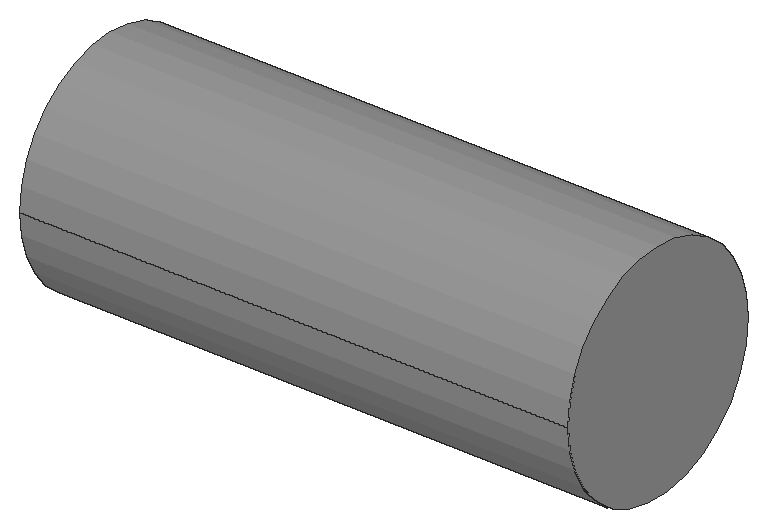
Revit family "4c5d271cd1c241a5944ff1941c8b9f7a", category Structural Rebar Couplers, Revit 2021
Family settings
  Work Plane-Based = No
  Always vertical = No
  Cut with Voids When Loaded = No
  Shared = No
Parameters (values of type "CPL#8")
  External Diameter = 0' - 1 3/8"
  Symbol Width = 0' - 1.93"
  Symbol Length = 0' - 4.68"
  Material = Steel
  Total Length = 0' - 3 11/32"
  End Treatment 2 = Threaded
  End Treatment 1 = Threaded
  Bar Size 2 = #8
  Bar Size 1 = #8
  Bar Engagement 2 = 0' - 1 1/2"
  Bar Engagement 1 = 0' - 1 1/2"
Types (10): name | External Diameter | Symbol Width | Symbol Length | Total Length | Bar Size 2 | Bar Size 1 | Bar Engagement 2 | Bar Engagement 1
  CPL#8 | 0' - 1 3/8" | 0' - 1.93" | 0' - 4.68" | 0' - 3 11/32" | #8 | #8 | 0' - 1 1/2" | 0' - 1 1/2"
  CPL#18 | 0' - 3" | 0' - 3.3" | 0' - 7.12" | 0' - 6.47" | #18 | #18 | 0' - 3" | 0' - 3"
  CPL#14 | 0' - 2 1/4" | 0' - 2.7" | 0' - 6.3" | 0' - 5 1/4" | #14 | #14 | 0' - 2" | 0' - 2"
  CPL#11 | 0' - 1 7/8" | 0' - 2.44" | 0' - 5.16" | 0' - 3.97" | #11 | #11 | 0' - 1 1/2" | 0' - 1 1/2"
  CPL#10 | 0' - 1 3/4" | 0' - 2.28" | 0' - 4.92" | 0' - 3.78" | #10 | #10 | 0' - 1 1/2" | 0' - 1 1/2"
  CPL#9 | 0' - 1 1/2" | 0' - 1.95" | 0' - 5.03" | 0' - 3 19/32" | #9 | #9 | 0' - 1 1/2" | 0' - 1 1/2"
  CPL#7 | 0' - 1 3/16" | 0' - 1.66" | 0' - 4.42" | 0' - 3 5/32" | #7 | #7 | 0' - 1 1/2" | 0' - 1 1/2"
  CPL#6 | 0' - 1 1/16" | 0' - 1.49" | 0' - 3.94" | 0' - 2 13/16" | #6 | #6 | 0' - 1" | 0' - 1"
  CPL#5 | 0' - 0 7/8" | 0' - 1.31" | 0' - 3.28" | 0' - 2 3/16" | #5 | #5 | 0' - 1" | 0' - 1"
  CPL#4 | 0' - 0 11/16" | 0' - 1.03" | 0' - 2.44" | 0' - 1 5/8" | #4 | #4 | 0' - 0 1/2" | 0' - 0 1/2"
Reference planes (in)
  plane 1: y = 0
  plane 2: z = 0
  plane 3: x = 0
  plane 4: y = 0.965
  plane 5: y = -0.965
  plane 6: x = -1.67187
  plane 7: x = 1.67188
  plane 8: x = -2.34
  plane 9: x = 2.34
Forms (in)
  Extrusion 1, solid, material "Steel" <- "Material"
    sketch origin (-1.67187, 2.95276, 47.24409) x (0, 1, 0) y (0, 0, 1)
      loop
        circle (-2.95276, -47.24409) r 0.6875
    from 0 to 3.34375
Lines and regions (in)
  symbolic lines
    curve 1: line (-2.34, 0.965, 0) -> (2.34, 0.965, 0)
    curve 2: line (-2.34, -0.965, 0) -> (-2.34, 0.965, 0)
    curve 3: line (2.34, -0.965, 0) -> (-2.34, -0.965, 0)
    curve 4: line (2.34, 0.965, 0) -> (2.34, -0.965, 0)
  reference lines
    curve 5: circle (-1.67188, 0, 0) r 0.6875 normal (1, 0, 0)
Text (in)
  text "Bar 1" at (-10.81531, 0.32318, 0), in view "Base"
  text "Bar 2" at (10.18742, 0.32318, 0), in view "Base"
Dimensions and locks (in)
  "Symbol Length": plane 8 to plane 9
  equal spacing: plane 8, plane 3, plane 9
  "Total Length": plane 6 to plane 7
  equal spacing: plane 6, plane 3, plane 7
  "Symbol Width": plane 4 to plane 5
  equal spacing: plane 4, plane 1, plane 5
  "External Diameter": diameter of curve 5
  aligned and locked: curve 1 to plane 4
  aligned and locked: plane 8 to curve 2
  aligned and locked: plane 5 to curve 3
  aligned and locked: curve 4 to plane 9
  aligned and locked: Extrusion 1 sketch curve to curve 5
  aligned and locked: plane 7 to Extrusion 1
Automatic sketch dimensions
  curve 5 to level = 0' - 0"
  curve 5 to plane 1 = 0' - 0"
